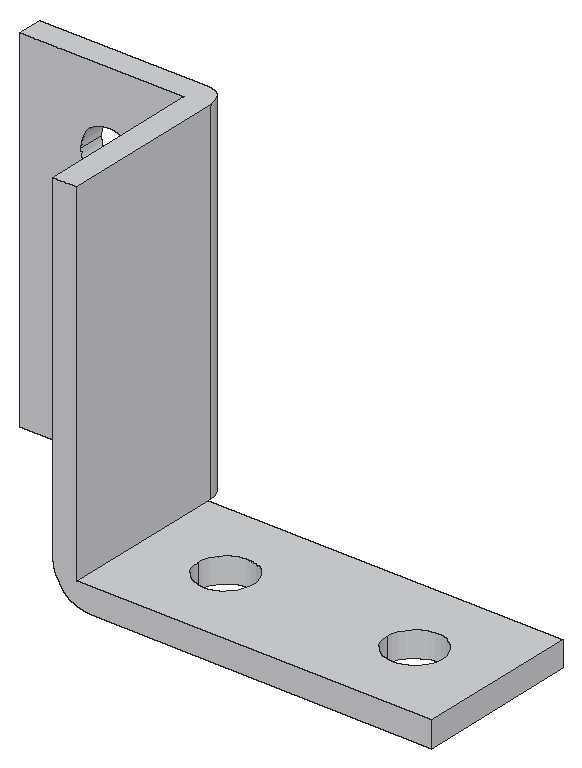
Revit family "Fitting-Wing_Shape-Unistrut-P2343L", category Specialty Equipment, Revit 2012
Parameters (values of type "P2343L")
  ecoScorecard_data = "http://products.ecoscorecard.com/atkore/P2343L"
  ecoScorecard Product Page = "http://products.ecoscorecard.com/atkore/P2343L?action=html"
  Weight Per Piece = 1.19 lbf
  Unit = none
  Unistrut Part Number = "P2343L"  # constant formula
  URL = "http://unistrut.us/index.php"
  Thickness = 1/4"  # constant formula
  Subcategory = "Wing Shape Fittings"  # constant formula
  Product Page URL = "http://unistrut.us/index.php?WP=cat_detail&S=S05&P=P2343L"
  Power Strut Part Number = "PS 2128 L"  # constant formula
  Part Type = "Fitting"  # constant formula
  Overall Width = 5 3/8"  # constant formula
  Overall Length = 1 5/8"  # constant formula
  Overall Height = 3 3/4"  # constant formula
  Model = "P2343L"
  Material = ""
  Manufacturer Phone - Toll Free = "800-882-5543"  # constant formula
  Manufacturer Phone = "708-339-1610"  # constant formula
  Manufacturer Fax = "708-339-7814"  # constant formula
  Manufacturer Email = "mailto:jshaw@atkore.com"
  Manufacturer Address = "16100 South Lathrop Avenue, Harvey, IL 60426"  # constant formula
  Manufacturer = "Unistrut by Atkore International"  # constant formula
  Load Capacity Note = "Visit the product page for load application and capacity."  # constant formula
  Literature URL = "http://unistrut.us/index.php?WP=LItLibrary"
  Hole Diameter = 9/16"
  Cost Info = "mailto:jshaw@atkore.com"
  CAD URL = "http://unistrut.us/index.php?WP=CAD3d"
  Assembly Code = "D5020100"
  95 CSI = "16070"  # constant formula
  04 CSI = "26 05 48"  # constant formula
Reference planes (in)
  plane 1: z = 0
  plane 2: z = 3.75
  plane 3: z = 0.25
  plane 4: y = 0
  plane 5: x = 0
  plane 6: x = 2.6875
  plane 7: x = -2.6875
  plane 8: y = 0.8125
  plane 9: y = -0.8125
  plane 10: x = -1.0625
  plane 11: x = 1.875
  plane 12: z = 2.9375
  plane 13: z = 1.0625
  plane 14: x = -1.80364
Dimensions and locks (in)
  "Overall Height": plane 2 to plane 1
  "Thickness": plane 3 to plane 1
  equal spacing: plane 6, plane 5, plane 7
  "Overall Width": plane 6 to plane 7
  equal spacing: plane 8, plane 4, plane 9
  "Overall Length": plane 8 to plane 9
  aligned and locked: level to plane 1
Nested families (in)
  nested 1: "2343L" at (0, 0, 3.75) x (1, 0, 0) z (0, 0, -1), type "2343L"
Definition of nested family "2343L"
  Parameters (values of type "2343R")
    Width = 5 3/8"
    Unit = none
    Thickness = 1/4"
    Height = 3 3/4"
    Radiuis = Diameter / 2  # 9/32"
    Length = 1 5/8"
    Diameter = 9/16"
    Default Elevation = 0"
    Bolt Length [instance] = 1 1/2"
  Reference planes (in)
    plane 1 "Center (Front/Back)": y = 0
    plane 2: z = 0
    plane 3 "Center (Left/Right)": x = 0
    plane 4: x = -2.6875
    plane 5: x = 2.6875
    plane 6: y = -0.8125
    plane 7: y = 0.8125
    plane 8: x = -1.80364
    plane 9: z = 0.8125
    plane 10: z = 2.6875
    plane 11: z = 3.75
    plane 12: x = -1.0625
  Forms (in)
    Extrusion 1, solid, material <- "Unit"
      sketch origin (0, 0, 0) x (1, 0, 0) y (0, 0, 1)
        loop
          line (-1.0625, 3.36748) -> (-1.0625, 0) -> (-0.82628, 0) -> (-0.82628, 3.5) -> (2.6875, 3.5) -> (2.6875, 3.75) -> (-0.67998, 3.75)
          arc (-0.67998, 3.75) -> (-0.95046, 3.63796) -> (-1.0625, 3.36748) r 0.38252
      from -0.8125 to 0.8125
    Extrusion 2, solid, material <- "Unit"
      sketch origin (0, 0, 0) x (1, 0, 0) y (0, 1, 0)
        loop
          line (-2.6875, -0.8125) -> (-2.6875, -1.0625) -> (-1.03904, -1.0625)
          arc (-1.03904, -1.0625) -> (-0.8886, -1.00018) -> (-0.82628, -0.84974) r 0.21276
          line (-0.82628, -0.84974) -> (-0.82628, -0.8125) -> (-2.6875, -0.8125)
      from 0 to 3.5
    Extrusion 3, void
      sketch origin (0, 0, 0) x (1, 0, 0) y (0, 1, 0)
        loop
          circle (1.875, 0) r 0.28125
        loop
          circle (0, 0) r 0.28125
      from 3.5 to 3.75
    Extrusion 4, void
      sketch origin (0, 0, 0) x (1, 0, 0) y (0, 0, 1)
        loop
          circle (-1.80364, 0.8125) r 0.28125
        loop
          circle (-1.80364, 2.6875) r 0.28125
      from 0.8125 to 1.0625
  Cuts and joins
    Extrusion 3, Extrusion 4 cuts Extrusion 1
    Extrusion 3, Extrusion 4 cuts Extrusion 2
    joined: Extrusion 1, Extrusion 2
  Dimensions and locks (in)
    equal spacing: plane 4, plane 3 "Center (Left/Right)", plane 5
    "Width": plane 4 to plane 5
    equal spacing: plane 7, plane 1 "Center (Front/Back)", plane 6
    "Length": plane 7 to plane 6
    "Thickness": plane 6 to Extrusion 2 sketch curve
    plane 9 to plane 2 = 13/16"
    locked: plane 4 to plane 8 at 0.88386
    "Height": plane 11 to level
    "Radiuis": radius of Extrusion 3 sketch curve  (x2)
    "Radiuis": radius of Extrusion 4 sketch curve  (x2)
    aligned and locked: level to plane 2
    aligned and locked: Extrusion 1 sketch curve to plane 5
    aligned and locked: Extrusion 1 sketch curve to plane 2
    aligned and locked: plane 7 to Extrusion 1
    aligned and locked: Extrusion 1 to plane 6
    aligned and locked: Extrusion 2 sketch curve to plane 6
    aligned and locked: Extrusion 2 sketch curve to plane 4
    aligned and locked: Extrusion 2 to plane 2
    aligned and locked: plane 1 "Center (Front/Back)" to Extrusion 3 sketch curve  (x2)
    aligned and locked: plane 8 to Extrusion 4 sketch curve  (x2)
    aligned and locked: plane 6 to Extrusion 4
    aligned and locked: Extrusion 2 to Extrusion 4
    aligned and locked: Extrusion 1 sketch curve to plane 11
  Automatic sketch dimensions
    Extrusion 2 sketch curve to Extrusion 2 sketch curve = 0.21276"
    Extrusion 3 sketch curve to plane 3 "Center (Left/Right)" = 0"
    Extrusion 3 sketch curve to plane 5 = 13/16"
    Extrusion 1 sketch curve to plane 3 "Center (Left/Right)" = 0.67998"
    Extrusion 1 sketch curve to Extrusion 1 sketch curve = 0.23622"
    Extrusion 4 sketch curve to plane 9 = 0"
    Extrusion 4 sketch curve to plane 10 = 0"
    plane 10 to Extrusion 1 sketch curve = 0.67998"
    Extrusion 1 sketch curve to Extrusion 1 sketch curve = 1/4"
    plane 12 to Extrusion 2 sketch curve = 3/128"
